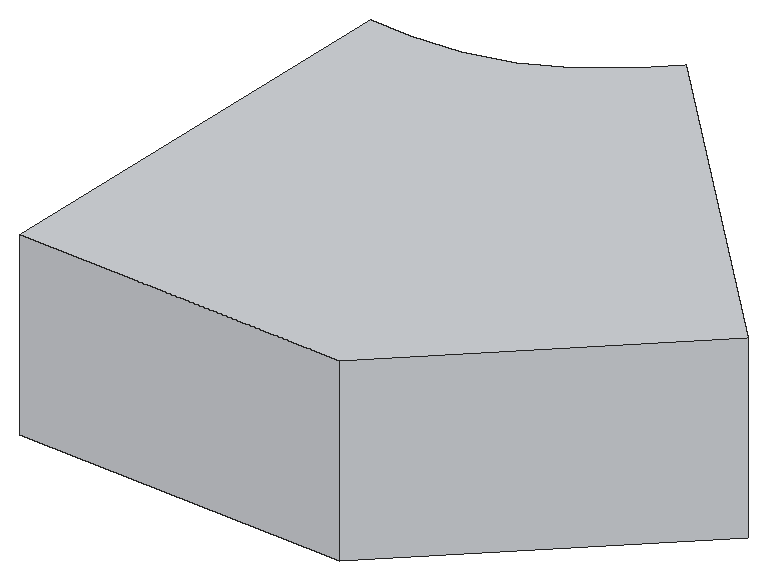
Revit family "M_Cotovelo retangular - Caveto redondo - Extremidade acentuada", category Conexões de duto, Revit 2019
Family settings
  Cota do conector redondo = Utilizar diâmetro
  Tipo de parte = Cotovelo
  Número OmniClass = 23.75.70.14
  Título OmniClass = Air Ductwork
  ID de item do Seek = Rectangular Elbow - Round Throat - Sharp Heel-0000-CAN-ENU
  Com base no plano de trabalho = Não
  Sempre na vertical = Sim
  Corte com vazios quando carregada = Não
  Compartilhado = Não
Parameters (values of type "Padrão")
  Comprimento do duto 2 [instance] = Raio do caveto + Largura do duto / 2  # 575 mm
  Comprimento do duto 3 [instance] = (Raio do caveto + Largura do duto / 2) * tan(Ângulo / 2)  # 238.173 mm
  Comprimento do duto 1 [instance] = Comprimento do rebaixo + (Largura do duto / 2 + Raio do caveto) * tan(Ângulo / 2)  # 288.173 mm
  Largura do duto [instance] = 550 mm
  Raio do caveto [instance] = 300 mm
  Comprimento do rebaixo [instance] = 50 mm
  Altura do duto [instance] = 225 mm
  Assembly Code = ""
  Ângulo [instance] = 45.00°
Reference planes
  plane 1 "Centro (Frente/Trás)": y = 0
  plane 2: z = 0
  plane 3 "Centro (Esquerda/Direita)": x = 0
  plane 4 "Inferior": z = -114.3
  plane 5 "Revestimento": z = -114.3
  plane 6 "Isolamento": z = -114.3
  plane 7: x = -238.173
  plane 8: y = 575
Forms (mm)
  Sweep 1, solid, detail levels medium+fine
    path in 3D
      loop
        line (203.769, 203.769, 0) -> (0, 0, 0) -> (-288.173, 0, 0)
    profile "M_Duto - Retangular : Duto - Retangular" origin (-144.086, 0, 0) x (0, -1, 0) y (0, 0, 1)
      loop
        line (-275, 112.5) -> (-275, -112.5) -> (275, -112.5) -> (275, 112.5) -> (-275, 112.5)
  Sweep 2, solid, detail levels medium+fine
    path in 3D
      loop
        line (-288.173, 0, 0) -> (-238.173, 0, 0)
        arc (-238.173, 0, 0) -> (-18.13, 43.769, 0) -> (168.414, 168.414, 0) r 575
        line (168.414, 168.414, 0) -> (203.769, 203.769, 0)
    profile "M_Duto - Retangular : Duto - Retangular" origin (-18.13, 43.769, 0) x (-0.382683, 0.92388, 0) y (0, 0, 1)
      loop
        line (-275, 112.5) -> (-275, -112.5) -> (275, -112.5) -> (275, 112.5) -> (-275, 112.5)
Cuts and joins
  joined: Sweep 1, Sweep 2
Lines and regions (mm)
  model lines, detail levels coarse
    curve 1: line (0, 0, 0) -> (-288.173, 0, 0)
    curve 2: line (0, 0, 0) -> (203.769, 203.769, 0)
  sketch lines
    curve 3: line (0, 0, 0) -> (-288.173, 0, 0)
    curve 4: line (0, 0, 0) -> (203.769, 203.769, 0)
    curve 6: arc (-238.173, 0, 0) -> (-18.13, 43.769, 0) -> (168.414, 168.414, 0) r 575
    curve 9: line (-238.173, 0, 0) -> (-288.173, 0, 0)
    curve 10: line (168.414, 168.414, 0) -> (203.769, 203.769, 0)
  reference lines
    curve 5: arc (-238.173, 0, 0) -> (-18.13, 43.769, 0) -> (168.414, 168.414, 0) r 575
    curve 7: line (-238.173, 0, 0) -> (-288.173, 0, 0)
    curve 8: line (168.414, 168.414, 0) -> (203.769, 203.769, 0)
Dimensions and locks
  locked: plane 4 "Inferior" to plane 2 at 114.3
  "Comprimento do duto 1": curve 1 to curve 1
  "Comprimento do duto 1": curve 2 to curve 2
  "Comprimento do duto 2": plane 1 "Centro (Frente/Trás)" to plane 8
  "Comprimento do duto 3": plane 7 to plane 3 "Centro (Esquerda/Direita)"
  "Comprimento do rebaixo": curve 7 to curve 7
  "Comprimento do rebaixo": curve 8 to curve 8
  "Comprimento do duto 2": radius of curve 5
  "Ângulo": angle plane 1 "Centro (Frente/Trás)" to curve 2
  "Ângulo": angle curve 5 to curve 5
  "Ângulo": angle plane 1 "Centro (Frente/Trás)" to curve 8
  aligned and locked: curve 1 to plane 1 "Centro (Frente/Trás)"
  aligned and locked: plane 8 to curve 5
  aligned and locked: plane 7 to curve 5
Automatic sketch dimensions
  curve 2 to plane 3 "Centro (Esquerda/Direita)" = 0 mm
Connectors
  hvac at (-288.173, 0, 0), driven by "Ângulo", driven by "Altura do duto", driven by "Largura do duto"
    settings: on cut or joined group of Sweep 1, Sweep 2, index 1, duct flow 0.0 L/s, flow factor 0, pres drop 0.0 Pa, loss coef 0, conn angle 45.00°, conn width 550 mm, conn height 225 mm, conn diameter 609.6 mm, duct sys type 28, conn prof type 1, flow config 0, flow direction 0, loss method 0, conn ref index 2, conn util no, is conn primary yes, conn desc ""
  hvac at (203.769, 203.769, 0), driven by "Ângulo", driven by "Altura do duto", driven by "Largura do duto"
    settings: on cut or joined group of Sweep 1, Sweep 2, index 2, duct flow 0.0 L/s, flow factor 0, pres drop 0.0 Pa, loss coef 0, conn angle 45.00°, conn width 550 mm, conn height 225 mm, conn diameter 609.6 mm, duct sys type 28, conn prof type 1, flow config 0, flow direction 0, loss method 0, conn ref index 1, conn util no, is conn primary no, conn desc ""
